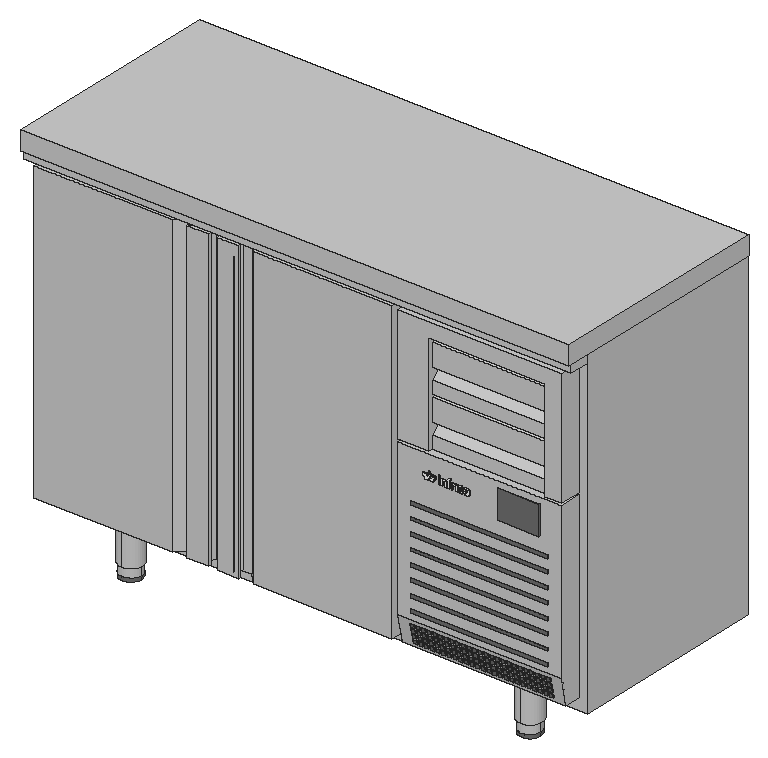
Revit family "QF_INFRICO_FMPP1500II_250812090517", category Specialty Equipment, Revit 2021
Family settings
  Round Connector Dimension = Use Diameter
  Part Type = Normal
  OmniClass Number = 23.40.40.14
  OmniClass Title = Food Service Equipment
  Work Plane-Based = No
  Always vertical = Yes
  Cut with Voids When Loaded = No
  Shared = No
  Room Calculation Point = No
Parameters (values of type "FMPP1500II-R290")
  Weight [instance] = 131.002 kg
  Waste Water Discharge Temperature [instance] = 0 °C
  Waste Remarks [instance] = ""
  Warranty Start Date [instance] = ""
  Warranty Duration [instance] = ""
  Volts [instance] = 230 V
  Volt Free Conn [instance] = no
  URL Recommended Spares List [instance] = ""
  URL Manufacturer [instance] = ""
  URL Cutsheet [instance] = ""
  URL Critical Spares List [instance] = ""
  URL = "www.infrico.com"
  Technical Documentation [instance] = ""
  Tag Number [instance] = ""
  Status [instance] = ""
  Start Up Current [instance] = 0 A
  Specification by User [instance] = ""
  Specification by Manufacturer [instance] = ""
  Sound Level [instance] = ""
  Show Logo [instance] = yes
  Show Clearances [instance] = yes
  Service Life Duration [instance] = ""
  Serial Number [instance] = ""
  Seismic Rating [instance] = ""
  SMACNA No [instance] = ""
  Revision Code [instance] = ""
  Revision [instance] = ""
  Production Year [instance] = ""
  Potential Equalisation [instance] = no
  Point Load [instance] = 0
  Plumbing Connection Type [instance] = ""
  Phase [instance] = 1
  Other Equipment Approvals [instance] = ""
  Operational Current [instance] = 0 A
  Number of Poles [instance] = 2
  No Load Power Draw [instance] = no
  NAFEM Spec ID Number [instance] = ""
  Model Warning [instance] = ""
  Model = "FMPP1500II"
  Min Ckt Ampacity [instance] = 0 A
  Max Overcurrent Protection [instance] = 0 A
  Masterspec [instance] = ""
  Manufacturer = "INFRICO"
  Main switch integrated [instance] = no
  Length Actual [instance] = 1468.12 mm
  Item Number [instance] = ""
  Installed By [instance] = ""
  Installation Date [instance] = ""
  Indirect Waste Size [instance] = 19.05 mm
  Indirect Waste Remarks [instance] = ""
  Indirect Waste Flow [instance] = 0.0 L/s
  Indirect Waste Connection Type [instance] = ""
  Indirect Waste Connection Height [instance] = 0 mm
  Identify Quantity as Lot [instance] = no
  ID [instance] = ""
  Hygiene Approval [instance] = ""
  Height Actual [instance] = 1050.036 mm
  HP power [instance] = ""
  Furnished By [instance] = ""
  Foodservice Equipment Identifier [instance] = no
  FL Amps [instance] = 0 A
  Electrical Remarks [instance] = ""
  Electric power [instance] = 190 W
  Electric Connection Type [instance] = ""
  Elec Conn RI Height [instance] = 0 mm
  Elec Conn Connection Height [instance] = 0 mm
  ETL Approved [instance] = no
  Direct Waste Water Discharge Temperature [instance] = -273.15 °C
  Direct Waste Size [instance] = 19.05 mm
  Direct Waste RI Height [instance] = 0 mm
  Direct Waste Flow [instance] = 0.0 L/s
  Direct Waste Connection Height [instance] = 0 mm
  Description = "BACK BAR COUNTER REFRIGERATOR - R290"
  Depth Actual [instance] = 599.948 mm
  Default Elevation = 0 mm
  Cycle [instance] = 50 Hz
  Cost = 0
  Connection to energy optimisation system [instance] = yes
  Conn Plug [instance] = ""
  Conn Conduit [instance] = no
  Centralized building control system with digital interface [instance] = ""
  CSI MasterFormat [instance] = ""
  CE Approved [instance] = no
  Barcode [instance] = 0
  Author [instance] = ""
  Asset Identifier [instance] = ""
  Apparent Power [instance] = 190 VA
  Accessory [instance] = no
Reference planes
  plane 1 "Center (Front/Back)": y = 0
  plane 2: z = 0
  plane 3 "Center (Left/Right)": x = 0
Forms (mm)
  Extrusion 1, solid, not visible
    sketch origin (541.026, -113.006, 142.007) x (1, 0, 0) y (0, 1, 0)
      loop
        line (-2, 2) -> (-2, -2) -> (2, -2) -> (2, 2) -> (-2, 2)
    from -2 to 2
  Extrusion 2, solid, not visible
    sketch origin (1407.069, -61.003, 142.007) x (1, 0, 0) y (0, 1, 0)
      loop
        line (-2, 2) -> (-2, -2) -> (2, -2) -> (2, 2) -> (-2, 2)
    from -2 to 2
Dimensions and locks
  locked: nested 2 to Extrusion 1 at 2  (x2)
  locked: nested 3 to Extrusion 2 at 2  (x2)
  aligned and locked: level to plane 2
Nested families
  nested 1: "QF_INFRICO_FMPP1500_2920" at (0, 0, 140), type "FMPP1500II-R290"
    with Weight 131.002 kg, Warranty Start Date "", Warranty Duration "", URL Cutsheet "", Technical Documentation "", Tag Number "", Status "", Specification by User "", Specification by Manufacturer "", Sound Level "", Solid Fuel Type "", Show Logo yes, Show Clearances yes, Show Clearance yes, Service Life Duration "", Serial Number "", Seismic Rating "", SMACNA No "", Revision Code "", Revision "", Production Year "", Point Load 0, Other Equipment Approvals "", NAFEM Spec ID Number "", Model Warning "", Masterspec "", Length Actual 1468.12 mm, Item Number "", Installed By "", Installation Date "", Identify Quantity as Lot yes, ID "", Hygiene Approval "", Height Actual 1050.036 mm, Furnished By "", Foodservice Equipment Identifier yes, ETL Approved yes, Depth Actual 599.948 mm, CSI MasterFormat "", CE Approved no, Barcode "", Author "", Asset Identifier "", Accessory no
  nested 2: "CONN_POINT_DRAIN_2D___Generic_Annotation" at (541.026, -113.006, 140.007), type "CONN_POINT_DRAIN_2D___Generic_Annotation"
    with Onboard connection annotation symbol visibility yes
  nested 3: "CONN_POINT_ELE_2D___Generic_Annotation" at (1407.069, -61.003, 140.007), type "CONN_POINT_ELE_2D___Generic_Annotation"
    with Onboard connection annotation symbol visibility yes
  nested 4: "QF_INFRICO_FMPP_DOOR_SX_4892" at (22, -538, 168), type "FMPP_DOOR_SX"
    with Weight 0.00 kg, Warranty Start Date "", Warranty Duration "", URL Cutsheet "", Technical Documentation "", Tag Number "", Status "", Specification by User "", Specification by Manufacturer "", Sound Level "", Solid Fuel Type "", Show Logo yes, Show Clearances yes, Show Clearance yes, Service Life Duration "", Serial Number "", Seismic Rating "", SMACNA No "", Revision Code "", Revision "", Production Year "", Point Load 0, Other Equipment Approvals "", NAFEM Spec ID Number "", Model Warning "", Masterspec "", Length Actual 467.106 mm, Item Number "", Installed By "", Installation Date "", Identify Quantity as Lot yes, ID "", Hygiene Approval "", Height Actual 797.052 mm, Furnished By "", Foodservice Equipment Identifier yes, ETL Approved yes, Depth Actual 54.102 mm, CSI MasterFormat "", CE Approved no, Barcode "", Author "", Asset Identifier "", Accessory yes
  nested 5: "QF_INFRICO_FMPP_DOOR_DX_5673" at (514, -538, 168), type "FMPP_DOOR_DX"
    with Weight 0.00 kg, Warranty Start Date "", Warranty Duration "", URL Cutsheet "", Technical Documentation "", Tag Number "", Status "", Specification by User "", Specification by Manufacturer "", Sound Level "", Solid Fuel Type "", Show Logo yes, Show Clearances yes, Show Clearance yes, Service Life Duration "", Serial Number "", Seismic Rating "", SMACNA No "", Revision Code "", Revision "", Production Year "", Point Load 0, Other Equipment Approvals "", NAFEM Spec ID Number "", Model Warning "", Masterspec "", Length Actual 467.106 mm, Item Number "", Installed By "", Installation Date "", Identify Quantity as Lot yes, ID "", Hygiene Approval "", Height Actual 797.052 mm, Furnished By "", Foodservice Equipment Identifier yes, ETL Approved yes, Depth Actual 54.102 mm, CSI MasterFormat "", CE Approved no, Barcode "", Author "", Asset Identifier "", Accessory yes
  nested 6: "QF_INFRICO_WORKTOP_6450" at (0, 0, 1000), type "ENC12SPBM15"
    with Weight 0.00 kg, Warranty Start Date "", Warranty Duration "", URL Cutsheet "", Technical Documentation "", Tag Number "", Status "", Specification by User "", Specification by Manufacturer "", Sound Level "", Solid Fuel Type "", Show Logo yes, Show Clearances yes, Show Clearance yes, Service Life Duration "", Serial Number "", Seismic Rating "", SMACNA No "", Revision Code "", Revision "", Production Year "", Point Load 0, Other Equipment Approvals "", NAFEM Spec ID Number "", Model Warning "", Masterspec "", Length Actual 1468.12 mm, Item Number "", Installed By "", Installation Date "", Identify Quantity as Lot yes, ID "", Hygiene Approval "", Height Actual 50.038 mm, Furnished By "", Foodservice Equipment Identifier yes, ETL Approved yes, Depth Actual 599.948 mm, CSI MasterFormat "", CE Approved no, Barcode "", Author "", Asset Identifier "", Accessory yes
  nested 7: "QF_INFRICO_LEGS_7294" at (0, 0, 0), type "LEGS_1470_600"
    with Weight 0.00 kg, Warranty Start Date "", Warranty Duration "", URL Cutsheet "", Technical Documentation "", Tag Number "", Status "", Specification by User "", Specification by Manufacturer "", Sound Level "", Solid Fuel Type "", Show Logo yes, Show Clearances yes, Show Clearance yes, Service Life Duration "", Serial Number "", Seismic Rating "", SMACNA No "", Revision Code "", Revision "", Production Year "", Point Load 0, Other Equipment Approvals "", NAFEM Spec ID Number "", Model Warning "", Masterspec "", Length Actual 1468.12 mm, Item Number "", Installed By "", Installation Date "", Identify Quantity as Lot yes, ID "", Hygiene Approval "", Height Actual 139.954 mm, Furnished By "", Foodservice Equipment Identifier yes, ETL Approved yes, Depth Actual 599.948 mm, CSI MasterFormat "", CE Approved no, Barcode "", Author "", Asset Identifier "", Accessory yes
Connectors
  piping at (541.026, -113.006, 140.007), diameter 19.05, driven by "Indirect Waste Size", driven by "Direct Waste Flow"
    settings: on Extrusion 1, index 1, connector inside diameter 609.6 mm, connector length 0 mm, flow factor 0, pipe flow 0.0 L/s, pressure drop 0.0 Pa, fitting loss kfactor 0, connector angle 0.00°, fixture units 0, engagement length 0 mm, angle of deflection 0.00°, flow configuration 1, flow direction 2, fitting loss method 0, system type 16, joint type 0, gender type 0, connector reference index -1, connector utility 0, adjustable connector no, is connector primary yes, connector description "Waste connection for FMPP1500II"
  electrical at (1407.069, -61.003, 140.007), driven by "Apparent Power", driven by "Number of Poles", driven by "Volts"
    settings: on Extrusion 2, index 2, voltage 230 V, apparent load 0 VA, apparent load phase1 190 VA, apparent load phase2 0 VA, apparent load phase3 0 VA, power factor 1, load classification "Other", number of poles 2, system type 31, power factor state 1, is connector primary yes, connector utility no, sub classification motor no, connector description "Electrical connection for FMPP1500II"
Definition of nested family "QF_INFRICO_FMPP1500_2920"
  Parameters (values of type "FMPP1500II")
    Weight [instance] = 0.00 kg
    Warranty Start Date [instance] = ""
    Warranty Duration [instance] = ""
    URL Cutsheet [instance] = ""
    URL = "www.infrico.com"
    Technical Documentation [instance] = ""
    Tag Number [instance] = ""
    Status [instance] = ""
    Specification by User [instance] = ""
    Specification by Manufacturer [instance] = ""
    Sound Level [instance] = ""
    Solid Fuel Type [instance] = ""
    Show Logo [instance] = yes
    Show Clearances [instance] = yes
    Show Clearance [instance] = yes
    Service Life Duration [instance] = ""
    Serial Number [instance] = ""
    Seismic Rating [instance] = ""
    SMACNA No [instance] = ""
    Revision Code [instance] = ""
    Revision [instance] = ""
    Production Year [instance] = ""
    Point Load [instance] = 0
    Other Equipment Approvals [instance] = ""
    NAFEM Spec ID Number [instance] = ""
    Model Warning [instance] = ""
    Model = "FMPP1500II"
    Masterspec [instance] = ""
    Manufacturer = "INFRICO"
    Length Actual [instance] = 0 mm
    Item Number [instance] = ""
    Installed By [instance] = ""
    Installation Date [instance] = ""
    Identify Quantity as Lot [instance] = yes
    ID [instance] = ""
    Hygiene Approval [instance] = ""
    Height Actual [instance] = 0 mm
    Furnished By [instance] = ""
    Foodservice Equipment Identifier [instance] = yes
    ETL Approved [instance] = yes
    Description = "BACK BAR COUNTER REFRIGERATOR - R134A"
    Depth Actual [instance] = 0 mm
    Default Elevation = 0 mm
    CSI MasterFormat [instance] = ""
    CE Approved [instance] = yes
    Barcode [instance] = ""
    Author [instance] = ""
    Asset Identifier [instance] = ""
    Assembly Code = "E1090320"
    Accessory [instance] = yes
  Types (2, lengths in mm): name | Description
    FMPP1500II | "BACK BAR COUNTER REFRIGERATOR - R134A"
    FMPP1500II-R290 | "BACK BAR COUNTER REFRIGERATOR - R290"
  Reference planes
    plane 1 "Back": y = 0
    plane 2: z = 0
    plane 3 "Left": x = 0
    plane 4 "Right": x = 1468
    plane 5 "Front": y = -600
    plane 6 "Top": z = 860
  Forms (mm)
    Extrusion 1, solid
      sketch origin (0, 100, -140) x (0, 1, 0) y (0, 0, 1)
        loop
          line (-638.02, 654.885) -> (-695.03, 654.885) -> (-695.03, 238.436) -> (-678.769, 168) -> (-638.02, 168) -> (-638.02, 654.885)
      from 1005.93 to 1443.93
    Extrusion 2, solid
      sketch origin (-2000, -593.13, -140) x (1, 0, 0) y (0, 0, 1)
        loop
          line (3408.016, 523.949) -> (3040.73, 523.949) -> (3040.73, 514.949) -> (3408.016, 514.949) -> (3408.016, 523.949)
        loop
          line (3408.016, 486.949) -> (3040.73, 486.949) -> (3040.73, 477.949) -> (3408.016, 477.949) -> (3408.016, 486.949)
        loop
          line (3408.016, 449.949) -> (3040.73, 449.949) -> (3040.73, 440.949) -> (3408.016, 440.949) -> (3408.016, 449.949)
        loop
          line (3408.016, 412.949) -> (3040.73, 412.949) -> (3040.73, 403.949) -> (3408.016, 403.949) -> (3408.016, 412.949)
        loop
          line (3408.016, 375.949) -> (3040.73, 375.949) -> (3040.73, 366.949) -> (3408.016, 366.949) -> (3408.016, 375.949)
        loop
          line (3408.016, 338.949) -> (3040.73, 338.949) -> (3040.73, 329.949) -> (3408.016, 329.949) -> (3408.016, 338.949)
        loop
          line (3408.016, 301.949) -> (3040.73, 301.949) -> (3040.73, 292.949) -> (3408.016, 292.949) -> (3408.016, 301.949)
        loop
          line (3408.016, 264.949) -> (3040.73, 264.949) -> (3040.73, 255.949) -> (3408.016, 255.949) -> (3408.016, 264.949)
      from 0 to 2
    Extrusion 3, solid
      sketch origin (-1999.3, -539.263, -135.602) x (1, 0, 0) y (0, -0.224951, 0.97437)
        loop
          line (3036.73, 215.974) -> (3036.73, 205.974) -> (3046.73, 205.974) -> (3046.73, 215.974) -> (3036.73, 215.974)
        loop
          line (3036.73, 230.769) -> (3036.73, 220.769) -> (3046.73, 220.769) -> (3046.73, 230.769) -> (3036.73, 230.769)
        loop
          line (3036.73, 186.385) -> (3036.73, 176.385) -> (3046.73, 176.385) -> (3046.73, 186.385) -> (3036.73, 186.385)
        loop
          line (3036.73, 201.179) -> (3036.73, 191.179) -> (3046.73, 191.179) -> (3046.73, 201.179) -> (3036.73, 201.179)
        loop
          line (3051.938, 215.974) -> (3051.938, 205.974) -> (3061.938, 205.974) -> (3061.938, 215.974) -> (3051.938, 215.974)
        loop
          line (3051.938, 230.769) -> (3051.938, 220.769) -> (3061.938, 220.769) -> (3061.938, 230.769) -> (3051.938, 230.769)
        loop
          line (3051.938, 186.385) -> (3051.938, 176.385) -> (3061.938, 176.385) -> (3061.938, 186.385) -> (3051.938, 186.385)
        loop
          line (3051.938, 201.179) -> (3051.938, 191.179) -> (3061.938, 191.179) -> (3061.938, 201.179) -> (3051.938, 201.179)
        loop
          line (3067.147, 215.974) -> (3067.147, 205.974) -> (3077.147, 205.974) -> (3077.147, 215.974) -> (3067.147, 215.974)
        loop
          line (3067.147, 230.769) -> (3067.147, 220.769) -> (3077.147, 220.769) -> (3077.147, 230.769) -> (3067.147, 230.769)
        loop
          line (3067.147, 186.385) -> (3067.147, 176.385) -> (3077.147, 176.385) -> (3077.147, 186.385) -> (3067.147, 186.385)
        loop
          line (3067.147, 201.179) -> (3067.147, 191.179) -> (3077.147, 191.179) -> (3077.147, 201.179) -> (3067.147, 201.179)
        loop
          line (3082.355, 215.974) -> (3082.355, 205.974) -> (3092.355, 205.974) -> (3092.355, 215.974) -> (3082.355, 215.974)
        loop
          line (3082.355, 230.769) -> (3082.355, 220.769) -> (3092.355, 220.769) -> (3092.355, 230.769) -> (3082.355, 230.769)
        loop
          line (3082.355, 186.385) -> (3082.355, 176.385) -> (3092.355, 176.385) -> (3092.355, 186.385) -> (3082.355, 186.385)
        loop
          line (3082.355, 201.179) -> (3082.355, 191.179) -> (3092.355, 191.179) -> (3092.355, 201.179) -> (3082.355, 201.179)
        loop
          line (3097.563, 215.974) -> (3097.563, 205.974) -> (3107.563, 205.974) -> (3107.563, 215.974) -> (3097.563, 215.974)
        loop
          line (3097.563, 230.769) -> (3097.563, 220.769) -> (3107.563, 220.769) -> (3107.563, 230.769) -> (3097.563, 230.769)
        loop
          line (3097.563, 186.385) -> (3097.563, 176.385) -> (3107.563, 176.385) -> (3107.563, 186.385) -> (3097.563, 186.385)
        loop
          line (3097.563, 201.179) -> (3097.563, 191.179) -> (3107.563, 191.179) -> (3107.563, 201.179) -> (3097.563, 201.179)
        loop
          line (3112.772, 215.974) -> (3112.772, 205.974) -> (3122.772, 205.974) -> (3122.772, 215.974) -> (3112.772, 215.974)
        loop
          line (3112.772, 230.769) -> (3112.772, 220.769) -> (3122.772, 220.769) -> (3122.772, 230.769) -> (3112.772, 230.769)
        loop
          line (3112.772, 186.385) -> (3112.772, 176.385) -> (3122.772, 176.385) -> (3122.772, 186.385) -> (3112.772, 186.385)
        loop
          line (3112.772, 201.179) -> (3112.772, 191.179) -> (3122.772, 191.179) -> (3122.772, 201.179) -> (3112.772, 201.179)
        loop
          line (3127.98, 215.974) -> (3127.98, 205.974) -> (3137.98, 205.974) -> (3137.98, 215.974) -> (3127.98, 215.974)
        loop
          line (3127.98, 230.769) -> (3127.98, 220.769) -> (3137.98, 220.769) -> (3137.98, 230.769) -> (3127.98, 230.769)
        loop
          line (3127.98, 186.385) -> (3127.98, 176.385) -> (3137.98, 176.385) -> (3137.98, 186.385) -> (3127.98, 186.385)
        loop
          line (3127.98, 201.179) -> (3127.98, 191.179) -> (3137.98, 191.179) -> (3137.98, 201.179) -> (3127.98, 201.179)
        loop
          line (3143.188, 215.974) -> (3143.188, 205.974) -> (3153.188, 205.974) -> (3153.188, 215.974) -> (3143.188, 215.974)
        loop
          line (3143.188, 230.769) -> (3143.188, 220.769) -> (3153.188, 220.769) -> (3153.188, 230.769) -> (3143.188, 230.769)
        loop
          line (3143.188, 186.385) -> (3143.188, 176.385) -> (3153.188, 176.385) -> (3153.188, 186.385) -> (3143.188, 186.385)
        loop
          line (3143.188, 201.179) -> (3143.188, 191.179) -> (3153.188, 191.179) -> (3153.188, 201.179) -> (3143.188, 201.179)
        loop
          line (3158.397, 215.974) -> (3158.397, 205.974) -> (3168.397, 205.974) -> (3168.397, 215.974) -> (3158.397, 215.974)
        loop
          line (3158.397, 230.769) -> (3158.397, 220.769) -> (3168.397, 220.769) -> (3168.397, 230.769) -> (3158.397, 230.769)
        loop
          line (3158.397, 186.385) -> (3158.397, 176.385) -> (3168.397, 176.385) -> (3168.397, 186.385) -> (3158.397, 186.385)
        loop
          line (3158.397, 201.179) -> (3158.397, 191.179) -> (3168.397, 191.179) -> (3168.397, 201.179) -> (3158.397, 201.179)
        loop
          line (3173.605, 215.974) -> (3173.605, 205.974) -> (3183.605, 205.974) -> (3183.605, 215.974) -> (3173.605, 215.974)
        loop
          line (3173.605, 230.769) -> (3173.605, 220.769) -> (3183.605, 220.769) -> (3183.605, 230.769) -> (3173.605, 230.769)
        loop
          line (3173.605, 186.385) -> (3173.605, 176.385) -> (3183.605, 176.385) -> (3183.605, 186.385) -> (3173.605, 186.385)
        loop
          line (3173.605, 201.179) -> (3173.605, 191.179) -> (3183.605, 191.179) -> (3183.605, 201.179) -> (3173.605, 201.179)
        loop
          line (3188.813, 215.974) -> (3188.813, 205.974) -> (3198.813, 205.974) -> (3198.813, 215.974) -> (3188.813, 215.974)
        loop
          line (3188.813, 230.769) -> (3188.813, 220.769) -> (3198.813, 220.769) -> (3198.813, 230.769) -> (3188.813, 230.769)
        loop
          line (3188.813, 186.385) -> (3188.813, 176.385) -> (3198.813, 176.385) -> (3198.813, 186.385) -> (3188.813, 186.385)
        loop
          line (3188.813, 201.179) -> (3188.813, 191.179) -> (3198.813, 191.179) -> (3198.813, 201.179) -> (3188.813, 201.179)
        loop
          line (3204.022, 215.974) -> (3204.022, 205.974) -> (3214.022, 205.974) -> (3214.022, 215.974) -> (3204.022, 215.974)
        loop
          line (3204.022, 230.769) -> (3204.022, 220.769) -> (3214.022, 220.769) -> (3214.022, 230.769) -> (3204.022, 230.769)
        loop
          line (3204.022, 186.385) -> (3204.022, 176.385) -> (3214.022, 176.385) -> (3214.022, 186.385) -> (3204.022, 186.385)
        loop
          line (3204.022, 201.179) -> (3204.022, 191.179) -> (3214.022, 191.179) -> (3214.022, 201.179) -> (3204.022, 201.179)
        loop
          line (3219.23, 215.974) -> (3219.23, 205.974) -> (3229.23, 205.974) -> (3229.23, 215.974) -> (3219.23, 215.974)
        loop
          line (3219.23, 230.769) -> (3219.23, 220.769) -> (3229.23, 220.769) -> (3229.23, 230.769) -> (3219.23, 230.769)
        loop
          line (3219.23, 186.385) -> (3219.23, 176.385) -> (3229.23, 176.385) -> (3229.23, 186.385) -> (3219.23, 186.385)
        loop
          line (3219.23, 201.179) -> (3219.23, 191.179) -> (3229.23, 191.179) -> (3229.23, 201.179) -> (3219.23, 201.179)
        loop
          line (3234.438, 215.974) -> (3234.438, 205.974) -> (3244.438, 205.974) -> (3244.438, 215.974) -> (3234.438, 215.974)
        loop
          line (3234.438, 230.769) -> (3234.438, 220.769) -> (3244.438, 220.769) -> (3244.438, 230.769) -> (3234.438, 230.769)
        loop
          line (3234.438, 186.385) -> (3234.438, 176.385) -> (3244.438, 176.385) -> (3244.438, 186.385) -> (3234.438, 186.385)
        loop
          line (3234.438, 201.179) -> (3234.438, 191.179) -> (3244.438, 191.179) -> (3244.438, 201.179) -> (3234.438, 201.179)
        loop
          line (3249.647, 215.974) -> (3249.647, 205.974) -> (3259.647, 205.974) -> (3259.647, 215.974) -> (3249.647, 215.974)
        loop
          line (3249.647, 230.769) -> (3249.647, 220.769) -> (3259.647, 220.769) -> (3259.647, 230.769) -> (3249.647, 230.769)
        loop
          line (3249.647, 186.385) -> (3249.647, 176.385) -> (3259.647, 176.385) -> (3259.647, 186.385) -> (3249.647, 186.385)
        loop
          line (3249.647, 201.179) -> (3249.647, 191.179) -> (3259.647, 191.179) -> (3259.647, 201.179) -> (3249.647, 201.179)
        loop
          line (3264.855, 215.974) -> (3264.855, 205.974) -> (3274.855, 205.974) -> (3274.855, 215.974) -> (3264.855, 215.974)
        loop
          line (3264.855, 230.769) -> (3264.855, 220.769) -> (3274.855, 220.769) -> (3274.855, 230.769) -> (3264.855, 230.769)
        loop
          line (3264.855, 186.385) -> (3264.855, 176.385) -> (3274.855, 176.385) -> (3274.855, 186.385) -> (3264.855, 186.385)
        loop
          line (3264.855, 201.179) -> (3264.855, 191.179) -> (3274.855, 191.179) -> (3274.855, 201.179) -> (3264.855, 201.179)
        loop
          line (3280.063, 215.974) -> (3280.063, 205.974) -> (3290.063, 205.974) -> (3290.063, 215.974) -> (3280.063, 215.974)
        loop
          line (3280.063, 230.769) -> (3280.063, 220.769) -> (3290.063, 220.769) -> (3290.063, 230.769) -> (3280.063, 230.769)
        loop
          line (3280.063, 186.385) -> (3280.063, 176.385) -> (3290.063, 176.385) -> (3290.063, 186.385) -> (3280.063, 186.385)
        loop
          line (3280.063, 201.179) -> (3280.063, 191.179) -> (3290.063, 191.179) -> (3290.063, 201.179) -> (3280.063, 201.179)
        loop
          line (3295.272, 215.974) -> (3295.272, 205.974) -> (3305.272, 205.974) -> (3305.272, 215.974) -> (3295.272, 215.974)
        loop
          line (3295.272, 230.769) -> (3295.272, 220.769) -> (3305.272, 220.769) -> (3305.272, 230.769) -> (3295.272, 230.769)
        loop
          line (3295.272, 186.385) -> (3295.272, 176.385) -> (3305.272, 176.385) -> (3305.272, 186.385) -> (3295.272, 186.385)
        loop
          line (3295.272, 201.179) -> (3295.272, 191.179) -> (3305.272, 191.179) -> (3305.272, 201.179) -> (3295.272, 201.179)
        loop
          line (3310.48, 215.974) -> (3310.48, 205.974) -> (3320.48, 205.974) -> (3320.48, 215.974) -> (3310.48, 215.974)
        loop
          line (3310.48, 230.769) -> (3310.48, 220.769) -> (3320.48, 220.769) -> (3320.48, 230.769) -> (3310.48, 230.769)
        loop
          line (3310.48, 186.385) -> (3310.48, 176.385) -> (3320.48, 176.385) -> (3320.48, 186.385) -> (3310.48, 186.385)
        loop
          line (3310.48, 201.179) -> (3310.48, 191.179) -> (3320.48, 191.179) -> (3320.48, 201.179) -> (3310.48, 201.179)
        loop
          line (3325.688, 215.974) -> (3325.688, 205.974) -> (3335.688, 205.974) -> (3335.688, 215.974) -> (3325.688, 215.974)
        loop
          line (3325.688, 230.769) -> (3325.688, 220.769) -> (3335.688, 220.769) -> (3335.688, 230.769) -> (3325.688, 230.769)
        loop
          line (3325.688, 186.385) -> (3325.688, 176.385) -> (3335.688, 176.385) -> (3335.688, 186.385) -> (3325.688, 186.385)
        loop
          line (3325.688, 201.179) -> (3325.688, 191.179) -> (3335.688, 191.179) -> (3335.688, 201.179) -> (3325.688, 201.179)
        loop
          line (3340.897, 215.974) -> (3340.897, 205.974) -> (3350.897, 205.974) -> (3350.897, 215.974) -> (3340.897, 215.974)
        loop
          line (3340.897, 230.769) -> (3340.897, 220.769) -> (3350.897, 220.769) -> (3350.897, 230.769) -> (3340.897, 230.769)
        loop
          line (3340.897, 186.385) -> (3340.897, 176.385) -> (3350.897, 176.385) -> (3350.897, 186.385) -> (3340.897, 186.385)
        loop
          line (3340.897, 201.179) -> (3340.897, 191.179) -> (3350.897, 191.179) -> (3350.897, 201.179) -> (3340.897, 201.179)
        loop
          line (3356.105, 215.974) -> (3356.105, 205.974) -> (3366.105, 205.974) -> (3366.105, 215.974) -> (3356.105, 215.974)
        loop
          line (3356.105, 230.769) -> (3356.105, 220.769) -> (3366.105, 220.769) -> (3366.105, 230.769) -> (3356.105, 230.769)
        loop
          line (3356.105, 186.385) -> (3356.105, 176.385) -> (3366.105, 176.385) -> (3366.105, 186.385) -> (3356.105, 186.385)
        loop
          line (3356.105, 201.179) -> (3356.105, 191.179) -> (3366.105, 191.179) -> (3366.105, 201.179) -> (3356.105, 201.179)
        loop
          line (3371.313, 215.974) -> (3371.313, 205.974) -> (3381.313, 205.974) -> (3381.313, 215.974) -> (3371.313, 215.974)
        loop
          line (3371.313, 230.769) -> (3371.313, 220.769) -> (3381.313, 220.769) -> (3381.313, 230.769) -> (3371.313, 230.769)
        loop
          line (3371.313, 186.385) -> (3371.313, 176.385) -> (3381.313, 176.385) -> (3381.313, 186.385) -> (3371.313, 186.385)
        loop
          line (3371.313, 201.179) -> (3371.313, 191.179) -> (3381.313, 191.179) -> (3381.313, 201.179) -> (3371.313, 201.179)
        loop
          line (3386.522, 215.974) -> (3386.522, 205.974) -> (3396.522, 205.974) -> (3396.522, 215.974) -> (3386.522, 215.974)
        loop
          line (3386.522, 230.769) -> (3386.522, 220.769) -> (3396.522, 220.769) -> (3396.522, 230.769) -> (3386.522, 230.769)
        loop
          line (3386.522, 186.385) -> (3386.522, 176.385) -> (3396.522, 176.385) -> (3396.522, 186.385) -> (3386.522, 186.385)
        loop
          line (3386.522, 201.179) -> (3386.522, 191.179) -> (3396.522, 191.179) -> (3396.522, 201.179) -> (3386.522, 201.179)
        loop
          line (3401.73, 215.974) -> (3401.73, 205.974) -> (3411.73, 205.974) -> (3411.73, 215.974) -> (3401.73, 215.974)
        loop
          line (3401.73, 230.769) -> (3401.73, 220.769) -> (3411.73, 220.769) -> (3411.73, 230.769) -> (3401.73, 230.769)
        loop
          line (3401.73, 186.385) -> (3401.73, 176.385) -> (3411.73, 176.385) -> (3411.73, 186.385) -> (3401.73, 186.385)
        loop
          line (3401.73, 201.179) -> (3401.73, 191.179) -> (3411.73, 191.179) -> (3411.73, 201.179) -> (3401.73, 201.179)
      from 0 to 2
    Extrusion 4, solid, visible <- "Show Logo"
      sketch origin (-89.335, -593.13, -246.187) x (1, 0, 0) y (0, 0, 1)
        loop
          line (1208.799, 696.53) -> (1208.799, 719.204) -> (1204.173, 719.204) -> (1204.173, 696.53) -> (1208.799, 696.53)
        loop
          line (1214.779, 713.006) -> (1211.283, 713.006) -> (1211.283, 696.53) -> (1215.772, 696.53) -> (1215.772, 707.832)
          arc (1215.772, 707.832) -> (1217.528, 708.741) -> (1219.417, 709.324) r 11.052
          arc (1219.417, 709.324) -> (1220.929, 708.961) -> (1221.598, 707.557) r 1.806
          line (1221.598, 707.557) -> (1221.598, 696.53) -> (1226.121, 696.53) -> (1226.121, 708.689)
          arc (1226.121, 708.689) -> (1224.637, 712.075) -> (1221.141, 713.281) r 4.607
          arc (1221.141, 713.281) -> (1218.282, 712.674) -> (1215.669, 711.361) r 11.435
          line (1215.669, 711.361) -> (1215.601, 712.184)
          arc (1215.601, 712.184) -> (1215.36, 712.765) -> (1214.779, 713.006) r 0.822
        loop
          line (1238.557, 720.102) -> (1237.306, 720.102)
          arc (1237.306, 720.102) -> (1235.052, 719.926) -> (1232.881, 719.297) r 11.103
          arc (1232.881, 719.297) -> (1230.805, 717.616) -> (1230.024, 715.062) r 4.567
          line (1230.024, 715.062) -> (1230.024, 712.909) -> (1227.351, 712.703) -> (1227.351, 709.374) -> (1230.024, 709.374) -> (1230.024, 696.53) -> (1234.547, 696.53) -> (1234.547, 709.374) -> (1238.249, 709.374) -> (1238.249, 712.938) -> (1234.547, 712.938) -> (1234.547, 714.548)
          arc (1234.547, 714.548) -> (1234.956, 715.705) -> (1236.045, 716.271) r 1.67
          line (1236.045, 716.271) -> (1237.7, 716.399)
          arc (1237.7, 716.399) -> (1238.306, 716.65) -> (1238.557, 717.255) r 0.857
          line (1238.557, 717.255) -> (1238.557, 720.102)
        loop
          line (1239.479, 713.006) -> (1239.479, 696.53) -> (1243.968, 696.53) -> (1243.968, 707.352)
          arc (1243.968, 707.352) -> (1245.873, 708.631) -> (1248.077, 709.268) r 7.435
          line (1248.077, 709.268) -> (1249.241, 709.416)
          arc (1249.241, 709.416) -> (1249.643, 709.758) -> (1249.793, 710.265) r 0.928
          line (1249.793, 710.265) -> (1249.793, 712.458)
          arc (1249.793, 712.458) -> (1249.531, 713.061) -> (1248.912, 713.28) r 0.824
          arc (1248.912, 713.28) -> (1246.197, 712.588) -> (1243.899, 710.984) r 7.833
          line (1243.899, 710.984) -> (1243.726, 713.006) -> (1239.479, 713.006)
        loop
          line (1255.495, 696.53) -> (1255.495, 713.006) -> (1251.006, 713.006) -> (1251.006, 696.53) -> (1255.495, 696.53)
        loop
          arc (1257.421, 701.327) -> (1258.567, 698.188) -> (1261.466, 696.525) r 4.873
          arc (1261.466, 696.525) -> (1264.493, 696.266) -> (1267.521, 696.525) r 17.816
          arc (1267.521, 696.525) -> (1270.575, 699.134) -> (1271.505, 703.041) r 6.481
          line (1271.505, 703.041) -> (1267.187, 703.041) -> (1267.187, 701.67)
          arc (1267.187, 701.67) -> (1266.64, 700.452) -> (1265.442, 699.865) r 1.965
          arc (1265.442, 699.865) -> (1264.547, 699.816) -> (1263.653, 699.865) r 8.196
          arc (1263.653, 699.865) -> (1262.417, 700.415) -> (1261.91, 701.67) r 1.806
          line (1261.91, 701.67) -> (1261.91, 707.9)
          arc (1261.91, 707.9) -> (1262.417, 709.155) -> (1263.653, 709.705) r 1.806
          arc (1263.653, 709.705) -> (1264.547, 709.754) -> (1265.442, 709.705) r 8.196
          arc (1265.442, 709.705) -> (1266.64, 709.118) -> (1267.187, 707.9) r 1.965
          line (1267.187, 707.9) -> (1267.187, 706.838) -> (1271.505, 706.838)
          arc (1271.505, 706.838) -> (1270.524, 710.556) -> (1267.521, 712.959) r 6.132
          arc (1267.521, 712.959) -> (1264.493, 713.294) -> (1261.466, 712.959) r 13.851
          arc (1261.466, 712.959) -> (1258.571, 711.349) -> (1257.421, 708.243) r 4.772
          line (1257.421, 708.243) -> (1257.421, 701.327)
        loop
          arc (1272.916, 701.329) -> (1273.993, 698.345) -> (1276.726, 696.734) r 4.676
          arc (1276.726, 696.734) -> (1278.515, 696.455) -> (1280.318, 696.291) r 28.371
          arc (1280.318, 696.291) -> (1282.122, 696.455) -> (1283.911, 696.734) r 28.371
          arc (1283.911, 696.734) -> (1286.644, 698.345) -> (1287.72, 701.329) r 4.676
          line (1287.72, 701.329) -> (1287.72, 708.242)
          arc (1287.72, 708.242) -> (1286.644, 711.226) -> (1283.911, 712.837) r 4.676
          arc (1283.911, 712.837) -> (1282.122, 713.116) -> (1280.318, 713.28) r 28.371
          arc (1280.318, 713.28) -> (1278.515, 713.116) -> (1276.726, 712.837) r 28.371
          arc (1276.726, 712.837) -> (1273.993, 711.226) -> (1272.916, 708.242) r 4.676
          line (1272.916, 708.242) -> (1272.916, 701.329)
        loop
          line (1277.405, 707.866) -> (1277.405, 701.705)
          arc (1277.405, 701.705) -> (1277.844, 700.556) -> (1278.936, 699.991) r 1.725
          arc (1278.936, 699.991) -> (1279.627, 699.918) -> (1280.318, 699.856) r 46.133
          arc (1280.318, 699.856) -> (1281.01, 699.918) -> (1281.701, 699.991) r 46.133
          arc (1281.701, 699.991) -> (1282.793, 700.556) -> (1283.231, 701.705) r 1.725
          line (1283.231, 701.705) -> (1283.231, 707.866)
          arc (1283.231, 707.866) -> (1282.793, 709.015) -> (1281.701, 709.58) r 1.725
          arc (1281.701, 709.58) -> (1281.01, 709.653) -> (1280.318, 709.716) r 46.133
          arc (1280.318, 709.716) -> (1279.627, 709.653) -> (1278.936, 709.58) r 46.133
          arc (1278.936, 709.58) -> (1277.844, 709.015) -> (1277.405, 707.866) r 1.725
        loop
          arc (1190.339, 696.543) -> (1191.411, 696.987) -> (1191.856, 698.059) r 1.516
          line (1191.856, 698.059) -> (1191.856, 703.891) -> (1196.035, 703.891)
          arc (1196.035, 703.891) -> (1196.79, 704.121) -> (1197.218, 704.782) r 1.147
          line (1197.218, 704.782) -> (1197.218, 706.211)
          arc (1197.218, 706.211) -> (1196.787, 707.258) -> (1195.719, 707.634) r 1.385
          line (1195.719, 707.634) -> (1194.52, 707.634) -> (1197.218, 710.332)
          arc (1197.218, 710.332) -> (1197.605, 711.266) -> (1197.218, 712.2) r 1.321
          line (1197.218, 712.2) -> (1196.495, 712.923)
          arc (1196.495, 712.923) -> (1195.54, 713.338) -> (1194.558, 712.991) r 1.422
          line (1194.558, 712.991) -> (1191.853, 710.286) -> (1191.853, 711.479)
          arc (1191.853, 711.479) -> (1191.443, 712.516) -> (1190.435, 712.992) r 1.516
          line (1190.435, 712.992) -> (1189.514, 712.992)
          arc (1189.514, 712.992) -> (1188.511, 712.514) -> (1188.103, 711.479) r 1.516
          line (1188.103, 711.479) -> (1188.103, 706.83) -> (1182.073, 701.336) -> (1182.073, 707.509) -> (1185.639, 711.075)
          arc (1185.639, 711.075) -> (1186.053, 712.073) -> (1185.639, 713.071) r 1.412
          line (1185.639, 713.071) -> (1184.987, 713.723)
          arc (1184.987, 713.723) -> (1183.939, 714.141) -> (1182.915, 713.667) r 1.428
          line (1182.915, 713.667) -> (1182.073, 712.825) -> (1182.073, 717.784)
          arc (1182.073, 717.784) -> (1181.658, 718.787) -> (1180.655, 719.203) r 1.418
          line (1180.655, 719.203) -> (1179.726, 719.203)
          arc (1179.726, 719.203) -> (1178.723, 718.787) -> (1178.308, 717.784) r 1.418
          line (1178.308, 717.784) -> (1178.308, 712.825) -> (1177.466, 713.667)
          arc (1177.466, 713.667) -> (1176.442, 714.141) -> (1175.394, 713.723) r 1.428
          line (1175.394, 713.723) -> (1174.742, 713.071)
          arc (1174.742, 713.071) -> (1174.328, 712.073) -> (1174.742, 711.075) r 1.412
          line (1174.742, 711.075) -> (1178.308, 707.509) -> (1178.308, 701.336) -> (1172.278, 706.83) -> (1172.278, 711.479)
          arc (1172.278, 711.479) -> (1171.87, 712.514) -> (1170.867, 712.992) r 1.516
          line (1170.867, 712.992) -> (1169.946, 712.992)
          arc (1169.946, 712.992) -> (1168.938, 712.516) -> (1168.528, 711.479) r 1.516
          line (1168.528, 711.479) -> (1168.528, 710.286) -> (1165.823, 712.991)
          arc (1165.823, 712.991) -> (1164.841, 713.338) -> (1163.886, 712.923) r 1.422
          line (1163.886, 712.923) -> (1163.163, 712.2)
          arc (1163.163, 712.2) -> (1162.776, 711.266) -> (1163.163, 710.332) r 1.321
          line (1163.163, 710.332) -> (1165.861, 707.634) -> (1164.662, 707.634)
          arc (1164.662, 707.634) -> (1163.594, 707.258) -> (1163.163, 706.211) r 1.385
          line (1163.163, 706.211) -> (1163.163, 704.782)
          arc (1163.163, 704.782) -> (1163.591, 704.121) -> (1164.346, 703.891) r 1.147
          line (1164.346, 703.891) -> (1168.525, 703.891) -> (1168.525, 698.059)
          arc (1168.525, 698.059) -> (1168.969, 696.987) -> (1170.042, 696.543) r 1.516
          line (1170.042, 696.543) -> (1190.339, 696.543)
      from 0 to 2
    Extrusion 5, solid
      sketch origin (105.578, 100, -156.025) x (1, 0, 0) y (0, 0, 1)
        loop
          line (1169.616, 654.3) -> (1169.616, 577.9) -> (1281.216, 577.9) -> (1281.216, 654.3) -> (1169.616, 654.3)
      from 695.03 to 698.23
    Extrusion 6, solid
      sketch origin (866.5, 58.5, 0) x (1, 0, 0) y (0, 1, 0)
        loop
          circle (540.5, -119.5) r 12.7
      from -5 to 0
    Extrusion 7, solid
      sketch origin (0, 0, 0) x (1, 0, 0) y (0, 1, 0)
        loop
          circle (541, -113) r 9.525
      from -5 to 0
    Extrusion 8, solid
      sketch origin (0, 0, 0) x (1, 0, 0) y (0, 1, 0)
        loop
          line (0, -538.02) -> (1468, -538.02) -> (1468, 0) -> (0, 0) -> (0, -538.02)
        loop
          line (60, -60) -> (60, -478.02) -> (1408, -478.02) -> (1408, -60) -> (60, -60)
      from 0 to 860
    Extrusion 9, solid
      sketch origin (0, 0, 0) x (1, 0, 0) y (0, 0, 1)
        loop
          line (60, 0) -> (1408, 0) -> (1408, 60) -> (60, 60) -> (60, 0)
      from 60 to 478.02
    Extrusion 10, void
      sketch origin (0, 0, 0) x (1, 0, 0) y (0, 0, 1)
        loop
          line (60, 800) -> (60, 60) -> (920, 60) -> (920, 800) -> (60, 800)
      from 60 to 538.02
    Extrusion 11, solid
      sketch origin (0, 100, 200) x (1, 0, 0) y (0, 1, 0)
        loop
          line (454, -638.02) -> (549, -638.02) -> (549, -628.02) -> (454, -628.02) -> (454, -638.02)
      from -140 to 600
    Extrusion 12, solid
      sketch origin (-355.84, 0, 0) x (1, 0, 0) y (0, 0, 1)
        loop
          line (1361.77, 830.367) -> (1361.77, 520.347) -> (1443.93, 520.347) -> (1443.93, 790.767) -> (1756.37, 790.767) -> (1756.37, 520.347) -> (1799.77, 520.347) -> (1799.77, 830.367) -> (1361.77, 830.367)
      from 538.02 to 595.03
    Extrusion 13, solid
      sketch origin (0, -1000, 0) x (1, 0, 0) y (0, 0, 1)
        loop
          line (1464.98, 837.357) -> (1464.98, 860) -> (2.96, 860) -> (2.96, 837.357) -> (1464.98, 837.357)
      from -461.98 to -409.56
    Extrusion 14, solid
      sketch origin (934.53, -528.23, 520.347) x (0, 1, 0) y (0, 0, 1)
        loop
          line (-9.79, 0) -> (-9.79, 128.747) -> (-20.79, 128.747) -> (-20.79, 121.434) -> (-39.216, 116.496) -> (-46.258, 128.693) -> (-54.021, 124.211) -> (-54.021, 64.021) -> (-40.08, 96.864) -> (-38.742, 97.46) -> (-28.844, 97.805) -> (-27.112, 96.899) -> (-23.93, 85.422) -> (-23.93, 62.47) -> (-54, 32.4) -> (-54, 0) -> (-9.79, 0)
      from 153.56 to 466
    Extrusion 15, solid
      sketch origin (934.53, -528.23, 652.595) x (0, 1, 0) y (0, 0, 1)
        loop
          line (-9.79, 0) -> (-9.79, 128.747) -> (-20.79, 128.747) -> (-20.79, 121.434) -> (-39.216, 116.496) -> (-46.258, 128.693) -> (-54.021, 124.211) -> (-54.021, 64.021) -> (-40.08, 96.864) -> (-38.742, 97.46) -> (-28.844, 97.805) -> (-27.112, 96.899) -> (-23.93, 85.422) -> (-23.93, 62.47) -> (-54, 32.4) -> (-54, 0) -> (-9.79, 0)
      from 153.56 to 466
  Cuts and joins
    Extrusion 10 cuts Extrusion 8
    Extrusion 10 cuts Extrusion 9
    joined: Extrusion 8, Extrusion 9, Extrusion 13
  Lines and regions (mm)
    symbolic lines, visible <- "Show Clearance"
      curve 1: line (1468, 0, 0) -> (0, 0, 0)
      curve 2: line (0, 0, 0) -> (0, -600, 0)
      curve 3: line (0, -600, 0) -> (1468, -600, 0)
      curve 4: line (1468, -600, 0) -> (1468, 0, 0)
  Dimensions and locks
    plane 4 "Right" to plane 3 "Left" = 1468 mm
    plane 6 "Top" to level = 860 mm
    plane 1 "Back" to plane 5 "Front" = 600 mm  (x2)
    plane 3 "Left" to plane 4 "Right" = 1468 mm
    aligned and locked: level to plane 2
  Connectors
    electrical at (1407, -61, -5)
      settings: on Extrusion 6, index 1, voltage 0 V, apparent load 0 VA, apparent load phase1 0 VA, apparent load phase2 0 VA, apparent load phase3 0 VA, power factor 1, load classification none, number of poles 1, system type 31, power factor state 1, is connector primary yes, connector utility no, sub classification motor no, connector description "Electrical collection"
    piping at (541, -113, -5), diameter 19.1
      settings: on Extrusion 7, index 2, connector inside diameter 609.6 mm, connector length 0 mm, flow factor 0, pipe flow 0.0 L/s, pressure drop 0.0 Pa, fitting loss kfactor 0, connector angle 0.00°, fixture units 0, engagement length 0 mm, angle of deflection 0.00°, flow configuration 1, flow direction 2, fitting loss method 0, system type 16, joint type 0, gender type 0, connector reference index -1, connector utility 0, adjustable connector no, is connector primary yes, connector description "Drain connection"
Definition of nested family "QF_INFRICO_FMPP_DOOR_SX_4892"
  Parameters (values of type "FMPP_DOOR_SX")
    Weight [instance] = 0.00 kg
    Warranty Start Date [instance] = ""
    Warranty Duration [instance] = ""
    URL Cutsheet [instance] = ""
    URL = "www.infrico.com"
    Technical Documentation [instance] = ""
    Tag Number [instance] = ""
    Status [instance] = ""
    Specification by User [instance] = ""
    Specification by Manufacturer [instance] = ""
    Sound Level [instance] = ""
    Solid Fuel Type [instance] = ""
    Show Logo [instance] = yes
    Show Clearances [instance] = yes
    Show Clearance [instance] = yes
    Service Life Duration [instance] = ""
    Serial Number [instance] = ""
    Seismic Rating [instance] = ""
    SMACNA No [instance] = ""
    Revision Code [instance] = ""
    Revision [instance] = ""
    Production Year [instance] = ""
    Point Load [instance] = 0
    Other Equipment Approvals [instance] = ""
    NAFEM Spec ID Number [instance] = ""
    Model Warning [instance] = ""
    Model = "FMPP_DOOR_SX"
    Masterspec [instance] = ""
    Manufacturer = "INFRICO"
    Length Actual [instance] = 0 mm
    Item Number [instance] = ""
    Installed By [instance] = ""
    Installation Date [instance] = ""
    Identify Quantity as Lot [instance] = yes
    ID [instance] = ""
    Hygiene Approval [instance] = ""
    Height Actual [instance] = 0 mm
    Furnished By [instance] = ""
    Foodservice Equipment Identifier [instance] = yes
    ETL Approved [instance] = yes
    Description = "LEFT DOOR"
    Depth Actual [instance] = 0 mm
    Default Elevation = 0 mm
    CSI MasterFormat [instance] = ""
    CE Approved [instance] = yes
    Barcode [instance] = ""
    Author [instance] = ""
    Asset Identifier [instance] = ""
    Assembly Code = "E1090320"
    Accessory [instance] = yes
  Reference planes
    plane 1 "Back": y = 0
    plane 2: z = 0
    plane 3 "Left": x = 0
    plane 4 "Right": x = 467
    plane 5 "Front": y = -44
    plane 6 "Top": z = 797
  Forms (mm)
    Extrusion 1, solid
      sketch origin (2981.326, 654.02, -168.61) x (-1, 0, 0) y (0, -1, 0)
        loop
          line (2610.426, 698.02) -> (2580.356, 667.95) -> (2557.604, 667.95) -> (2546.663, 670.881)
          arc (2546.663, 670.881) -> (2545.582, 671.631) -> (2545.222, 672.896) r 1.95
          line (2545.222, 672.896) -> (2545.566, 682.741)
          arc (2545.566, 682.741) -> (2545.774, 683.563) -> (2546.304, 684.224) r 2.001
          line (2546.304, 684.224) -> (2571.566, 694.947) -> (2571.566, 698.02) -> (2514.326, 698.02) -> (2514.326, 690.261) -> (2526.525, 683.218) -> (2521.592, 664.81) -> (2514.326, 664.81) -> (2514.326, 654.02) -> (2981.326, 654.02) -> (2981.326, 698.02) -> (2610.426, 698.02)
      from 168.61 to 965.61
    Extrusion 2, solid, visible <- "Show Clearance", detail levels coarse
      sketch origin (0, 0, 0) x (1, 0, 0) y (0, 1, 0)
        loop
          line (0, -44) -> (0, -467) -> (44, -467)
          arc (44, -467) -> (343.106, -343.106) -> (467, -44) r 423
          line (467, -44) -> (0, -44)
      from 0 to 797
  Lines and regions (mm)
    symbolic lines
      curve 1: arc (466.617, -62, 0) -> (336.673, -349.404, 0) -> (44, -467, 0) r 423
      curve 2: line (0, -467, 0) -> (0, -62, 0)
      curve 3: line (44, -467, 0) -> (0, -467, 0)
  Dimensions and locks
    plane 4 "Right" to plane 3 "Left" = 467 mm
    plane 6 "Top" to level = 797 mm  (x2)
    plane 1 "Back" to plane 5 "Front" = 44 mm  (x2)
    plane 3 "Left" to plane 4 "Right" = 467 mm
    aligned and locked: level to plane 2
Definition of nested family "QF_INFRICO_FMPP_DOOR_DX_5673"
  Parameters (values of type "FMPP_DOOR_DX")
    Weight [instance] = 0.00 kg
    Warranty Start Date [instance] = ""
    Warranty Duration [instance] = ""
    URL Cutsheet [instance] = ""
    URL = "www.infrico.com"
    Technical Documentation [instance] = ""
    Tag Number [instance] = ""
    Status [instance] = ""
    Specification by User [instance] = ""
    Specification by Manufacturer [instance] = ""
    Sound Level [instance] = ""
    Solid Fuel Type [instance] = ""
    Show Logo [instance] = yes
    Show Clearances [instance] = yes
    Show Clearance [instance] = yes
    Service Life Duration [instance] = ""
    Serial Number [instance] = ""
    Seismic Rating [instance] = ""
    SMACNA No [instance] = ""
    Revision Code [instance] = ""
    Revision [instance] = ""
    Production Year [instance] = ""
    Point Load [instance] = 0
    Other Equipment Approvals [instance] = ""
    NAFEM Spec ID Number [instance] = ""
    Model Warning [instance] = ""
    Model = "FMPP_DOOR_DX"
    Masterspec [instance] = ""
    Manufacturer = "INFRICO"
    Length Actual [instance] = 0 mm
    Item Number [instance] = ""
    Installed By [instance] = ""
    Installation Date [instance] = ""
    Identify Quantity as Lot [instance] = yes
    ID [instance] = ""
    Hygiene Approval [instance] = ""
    Height Actual [instance] = 0 mm
    Furnished By [instance] = ""
    Foodservice Equipment Identifier [instance] = yes
    ETL Approved [instance] = yes
    Description = "RIGHT DOOR"
    Depth Actual [instance] = 0 mm
    Default Elevation = 0 mm
    CSI MasterFormat [instance] = ""
    CE Approved [instance] = yes
    Barcode [instance] = ""
    Author [instance] = ""
    Asset Identifier [instance] = ""
    Assembly Code = "E1090320"
    Accessory [instance] = yes
  Reference planes
    plane 1 "Back": y = 0
    plane 2: z = 0
    plane 3 "Left": x = 0
    plane 4 "Right": x = 467
    plane 5 "Front": y = -44
    plane 6 "Top": z = 797
  Forms (mm)
    Extrusion 1, solid
      sketch origin (-2514.326, 654.02, -168.61) x (1, 0, 0) y (0, 1, 0)
        loop
          line (2610.426, -698.02) -> (2981.326, -698.02) -> (2981.326, -654.02) -> (2514.326, -654.02) -> (2514.326, -664.81) -> (2521.592, -664.81) -> (2526.525, -683.218) -> (2514.326, -690.261) -> (2514.326, -698.02) -> (2571.566, -698.02) -> (2571.566, -694.947) -> (2546.304, -684.224)
          arc (2546.304, -684.224) -> (2545.774, -683.563) -> (2545.566, -682.741) r 2.001
          line (2545.566, -682.741) -> (2545.222, -672.896)
          arc (2545.222, -672.896) -> (2545.582, -671.631) -> (2546.663, -670.881) r 1.95
          line (2546.663, -670.881) -> (2557.604, -667.95) -> (2580.356, -667.95) -> (2610.426, -698.02)
      from 168.61 to 965.61
    Extrusion 2, solid, visible <- "Show Clearance", detail levels coarse
      sketch origin (467, 0, 0) x (-1, 0, 0) y (0, -1, 0)
        loop
          line (0, 44) -> (467, 44)
          arc (467, 44) -> (343.106, 343.106) -> (44, 467) r 423
          line (44, 467) -> (0, 467) -> (0, 44)
      from 0 to 797
  Lines and regions (mm)
    symbolic lines
      curve 1: arc (0.383, -62, 0) -> (130.327, -349.404, 0) -> (423, -467, 0) r 423
      curve 2: line (467, -467, 0) -> (467, -62, 0)
      curve 3: line (423, -467, 0) -> (467, -467, 0)
  Dimensions and locks
    plane 4 "Right" to plane 3 "Left" = 467 mm
    plane 6 "Top" to level = 797 mm  (x2)
    plane 1 "Back" to plane 5 "Front" = 44 mm  (x2)
    plane 3 "Left" to plane 4 "Right" = 467 mm
    aligned and locked: level to plane 2
Definition of nested family "QF_INFRICO_WORKTOP_6450"
  Parameters (values of type "WRKT20_30")
    Weight [instance] = 0.00 kg
    Warranty Start Date [instance] = ""
    Warranty Duration [instance] = ""
    URL Cutsheet [instance] = ""
    URL = "www.infrico.com"
    Technical Documentation [instance] = ""
    Tag Number [instance] = ""
    Status [instance] = ""
    Specification by User [instance] = ""
    Specification by Manufacturer [instance] = ""
    Sound Level [instance] = ""
    Solid Fuel Type [instance] = ""
    Show Logo [instance] = yes
    Show Clearances [instance] = yes
    Show Clearance [instance] = yes
    Service Life Duration [instance] = ""
    Serial Number [instance] = ""
    Seismic Rating [instance] = ""
    SMACNA No [instance] = ""
    Revision Code [instance] = ""
    Revision [instance] = ""
    Production Year [instance] = ""
    Point Load [instance] = 0
    Other Equipment Approvals [instance] = ""
    NAFEM Spec ID Number [instance] = ""
    Model Warning [instance] = ""
    Model = "WRKT20_30"
    Masterspec [instance] = ""
    Manufacturer = "INFRICO"
    Length Actual [instance] = 0 mm
    Length = 1960 mm
    Item Number [instance] = ""
    Installed By [instance] = ""
    Installation Date [instance] = ""
    Identify Quantity as Lot [instance] = yes
    ID [instance] = ""
    Hygiene Approval [instance] = ""
    Height Actual [instance] = 0 mm
    Furnished By [instance] = ""
    Foodservice Equipment Identifier [instance] = yes
    ETL Approved [instance] = yes
    Description = "WORKTOP WHITOUT BACKSPLASH 2000_300"
    Depth Actual [instance] = 0 mm
    Depth = 300 mm
    Default Elevation = 0 mm
    CSI MasterFormat [instance] = ""
    CE Approved [instance] = yes
    Barcode [instance] = ""
    Author [instance] = ""
    Asset Identifier [instance] = ""
    Assembly Code = "E1090320"
    Accessory [instance] = yes
  Types (38, lengths in mm): name | Model | Length | Description | Depth
    ENC12SPGN19 | "ENC12SPGN19" | 1960 | "WORKTOP WITHOUT BACKSPLASH" | 700
    ENC12SPGN14 | "ENC12SPGN14" | 1468 | "WORKTOP WITHOUT BACKSPLASH" | 700
    ENC12SPGN24 | "ENC12SPGN24" | 2452 | "WORKTOP WITHOUT BACKSPLASH" | 700
    ENC12SPGN14R | "ENC12SPGN14R" | 1160 | "WORKTOP WITHOUT BACKSPLASH" | 700
    ENC12SPGN19R | "ENC12SPGN19R" | 1652 | "WORKTOP WITHOUT BACKSPLASH" | 700
    ENC12SPGN24R | "ENC12SPGN24R" | 2144 | "WORKTOP WITHOUT BACKSPLASH" | 700
    ENC12SPBM20 | "ENC12SPBM20" | 1960 | "WORKTOP WITHOUT BACKSPLASH" | 600
    ENC12SPBM15 | "ENC12SPBM15" | 1468 | "WORKTOP WITHOUT BACKSPLASH" | 600
    ENC12SPBM25 | "ENC12SPBM25" | 2452 | "WORKTOP WITHOUT BACKSPLASH" | 600
    ENC12SPBM15R | "ENC12SPBM15R" | 1160 | "WORKTOP WITHOUT BACKSPLASH" | 600
    ENC12SPBM20R | "ENC12SPBM20R" | 1652 | "WORKTOP WITHOUT BACKSPLASH" | 600
    ENC12SPMR16 | "ENC12SPMR16" | 1618 | "WORKTOP WITHOUT BACKSPLASH" | 800
    ENC12SPMR21 | "ENC12SPMR21" | 2185 | "WORKTOP WITHOUT BACKSPLASH" | 800
    ENC12SPMR27 | "ENC12SPMR27" | 2752 | "WORKTOP WITHOUT BACKSPLASH" | 800
    ENC12SPMR16R | "ENC12SPMR16R" | 1310 | "WORKTOP WITHOUT BACKSPLASH" | 800
    ENC12SPMR21R | "ENC12SPMR21R" | 1877 | "WORKTOP WITHOUT BACKSPLASH" | 800
    ENC12SPMR27R | "ENC12SPMR27R" | 2444 | "WORKTOP WITHOUT BACKSPLASH" | 800
    ENC12SPBM25R | "ENC12SPBM25R" | 2144 | "WORKTOP WITHOUT BACKSPLASH" | 600
    ENC12SPMS20 | "ENC12SPMS20" | 2000 | "WORKTOP WITHOUT BACKSPLASH" | 700
    ENC12SPMS24 | "ENC12SPMS24" | 2400 | "WORKTOP WITHOUT BACKSPLASH" | 700
    ENC12SPMS10 | "ENC12SPMS10" | 1000 | "WORKTOP WITHOUT BACKSPLASH" | 700
    ENC12SPMS14 | "ENC12SPMS14" | 1400 | "WORKTOP WITHOUT BACKSPLASH" | 700
    ENC12SPMS16 | "ENC12SPMS16" | 1600 | "WORKTOP WITHOUT BACKSPLASH" | 700
    ENC12SPME10 | "ENC12SPME10" | 978 | "WORKTOP WITHOUT BACKSPLASH" | 700
    ENC12SPME14 | "ENC12SPME14" | 1460 | "WORKTOP WITHOUT BACKSPLASH" | 700
    WRKT10_30 | "WRKT10_30" | 1000 | "WORKTOP WHITOUT BACKSPLASH 1000_300" | 300
    WRKT10_60 | "WRKT10_60" | 1000 | "WORKTOP WHITOUT BACKSPLASH 1000_600" | 600
    WRKT15_30 | "WRKT15_30" | 1468 | "WORKTOP WHITOUT BACKSPLASH 1500_300" | 300
    WRKT15_60 | "WRKT15_60" | 1468 | "WORKTOP WHITOUT BACKSPLASH 1500_600" | 600
    WRKT20_30 | "WRKT20_30" | 1960 | "WORKTOP WHITOUT BACKSPLASH 2000_300" | 300
    WRKT20_60 | "WRKT20_60" | 1960 | "WORKTOP WHITOUT BACKSPLASH 2000_600" | 600
    WRKT25_30 | "WRKT25_30" | 2452 | "WORKTOP WHITOUT BACKSPLASH 2500_300" | 300
    WRKT25_60 | "WRKT25_60" | 2452 | "WORKTOP WHITOUT BACKSPLASH 2500_600" | 600
    WRKT15_60_MT | "WRKT15_60_MT" | 1500 | "WORKTOP WHITOUT BACKSPLASH 1500_600" | 600
    WRKT15_70_MT | "WRKT15_70_MT" | 1500 | "WORKTOP WHITOUT BACKSPLASH 1500_700" | 700
    WRKT20_70_MT | "WRKT20_70_MT" | 2000 | "WORKTOP WHITOUT BACKSPLASH 2000_700" | 700
    WRKT20_60_MT | "WRKT20_60_MT" | 2000 | "WORKTOP WHITOUT BACKSPLASH 2000_600" | 600
    WRKT10_70_MT | "WRKT10_70_MT" | 1000 | "WORKTOP WHITOUT BACKSPLASH 1000_700" | 700
  Reference planes
    plane 1 "Back": y = 0
    plane 2: z = 0
    plane 3 "Left": x = 0
    plane 4 "Right": x = 1960
    plane 5 "Front": y = -300
    plane 6 "Top": z = 50
  Forms (mm)
    Extrusion 1, solid
      sketch origin (0, 0, -800) x (0, 1, 0) y (0, 0, 1)
        loop
          line (0, 850) -> (-300, 850) -> (-300, 800) -> (0, 800) -> (0, 850)
      from 0 to 1960
  Lines and regions (mm)
    symbolic lines
      curve 1: line (1960, 0, 0) -> (0, 0, 0)
      curve 2: line (0, 0, 0) -> (0, -300, 0)
      curve 3: line (0, -300, 0) -> (1960, -300, 0)
      curve 4: line (1960, -300, 0) -> (1960, 0, 0)
  Dimensions and locks
    plane 4 "Right" to plane 3 "Left" = 1960 mm
    plane 6 "Top" to level = 50 mm
    plane 1 "Back" to plane 5 "Front" = 300 mm
    "Length": plane 3 "Left" to plane 4 "Right"
    "Depth": plane 1 "Back" to plane 5 "Front"
    aligned and locked: level to plane 2
    aligned and locked: Extrusion 1 to plane 4 "Right"
  Automatic sketch dimensions
    plane 1 "Back" to curve 1 = 0 mm
    curve 1 to plane 3 "Left" = 0 mm
    curve 3 to plane 4 "Right" = 0 mm
    curve 3 to plane 5 "Front" = 0 mm
    Extrusion 1 sketch curve to plane 5 "Front" = 0 mm
    Extrusion 1 sketch curve to level = 0 mm
    Extrusion 1 sketch curve to plane 1 "Back" = 0 mm
    Extrusion 1 sketch curve to plane 6 "Top" = 0 mm
Definition of nested family "QF_INFRICO_LEGS_7294"
  Parameters (values of type "LEGS_2190_740")
    Weight [instance] = 0.00 kg
    Warranty Start Date [instance] = ""
    Warranty Duration [instance] = ""
    URL Cutsheet [instance] = ""
    URL = "www.infrico.com"
    Technical Documentation [instance] = ""
    Tag Number [instance] = ""
    Status [instance] = ""
    Specification by User [instance] = ""
    Specification by Manufacturer [instance] = ""
    Sound Level [instance] = ""
    Solid Fuel Type [instance] = ""
    Show Logo [instance] = yes
    Show Clearances [instance] = yes
    Show Clearance [instance] = yes
    Service Life Duration [instance] = ""
    Serial Number [instance] = ""
    Seismic Rating [instance] = ""
    SMACNA No [instance] = ""
    Revision Code [instance] = ""
    Revision [instance] = ""
    Production Year [instance] = ""
    Point Load [instance] = 0
    Other Equipment Approvals [instance] = ""
    NAFEM Spec ID Number [instance] = ""
    Model Warning [instance] = ""
    Model = "LEGS_2190_740"
    Masterspec [instance] = ""
    Manufacturer = "INFRICO"
    Length Actual [instance] = 0 mm
    Length = 2185 mm
    Item Number [instance] = ""
    Installed By [instance] = ""
    Installation Date [instance] = ""
    Identify Quantity as Lot [instance] = yes
    ID [instance] = ""
    Hygiene Approval [instance] = ""
    Height Actual [instance] = 0 mm
    Height = 140 mm
    Furnished By [instance] = ""
    Foodservice Equipment Identifier [instance] = yes
    ETL Approved [instance] = yes
    Description = "LEGS"
    Depth Actual [instance] = 0 mm
    Depth = 738 mm
    Default Elevation = 0 mm
    CentralLegs = if(or(Length > 2200 mm, Length = 2144 mm), 2 > 1, 2 < 1)  # no
    CSI MasterFormat [instance] = ""
    CE Approved [instance] = yes
    Barcode [instance] = ""
    Author [instance] = ""
    Asset Identifier [instance] = ""
    Assembly Code = "E1090320"
    Accessory [instance] = yes
  Types (29, lengths in mm): name | Model | Length | Height | Depth | CentralLegs
    LEGS_1960_700 | "LEGS_1960_700" | 1960 | 140 | 700 | no
    LEGS_1470_700 | "LEGS_1470_700" | 1468 | 140 | 700 | no
    LEGS_2450_700 | "LEGS_2450_700" | 2452 | 140 | 700 | yes
    LEGS_1470_600 | "LEGS_1470_600" | 1468 | 140 | 600 | no
    LEGS_1960_600 | "LEGS_1960_600" | 1960 | 140 | 600 | no
    LEGS_2450_600 | "LEGS_2450_600" | 2452 | 140 | 600 | yes
    LEGS_1610_800 | "LEGS_1610_800" | 1618 | 140 | 800 | no
    LEGS_2190_800 | "LEGS_2190_800" | 2185 | 140 | 800 | no
    LEGS_2750_800 | "LEGS_2750_800" | 2752 | 140 | 800 | yes
    LEGS_1160_700 | "LEGS_1160_700" | 1160 | 140 | 700 | no
    LEGS_1650_700 | "LEGS_1650_700" | 1652 | 140 | 700 | no
    LEGS_2140_700 | "LEGS_2140_700" | 2144 | 140 | 700 | yes
    LEGS_1960_640 | "LEGS_1960_640" | 1960 | 140 | 638 | no
    LEGS_1470_640 | "LEGS_1470_640" | 1468 | 140 | 638 | no
    LEGS_1160_600 | "LEGS_1160_600" | 1160 | 140 | 600 | no
    LEGS_1650_600 | "LEGS_1650_600" | 1652 | 140 | 600 | no
    LEGS_1310_800 | "LEGS_1310_800" | 1310 | 140 | 800 | no
    LEGS_1890_800 | "LEGS_1890_800" | 1877 | 140 | 800 | no
    LEGS_2440_800 | "LEGS_2440_800" | 2444 | 140 | 800 | yes
    LEGS_1610_740 | "LEGS_1610_740" | 1618 | 140 | 738 | no
    LEGS_2190_740 | "LEGS_2190_740" | 2185 | 140 | 738 | no
    LEGS_2140_600 | "LEGS_2140_600" | 2144 | 140 | 600 | yes
    LEGS_980_800 | "LEGS_980_800" | 980 | 150 | 800 | no
    LEGS_1470_800 | "LEGS_1470_800" | 1468 | 150 | 800 | no
    LEGS_1740_800 | "LEGS_1740_800" | 1738 | 140 | 800 | no
    LEGS_2300_800 | "LEGS_2300_800" | 2305 | 140 | 800 | yes
    LEGS_1690_800 | "LEGS_1690_800" | 1693 | 140 | 800 | no
    LEGS_2260_800 | "LEGS_2260_800" | 2260 | 140 | 800 | yes
    LEGS_1460_700 | "LEGS_1460_700" | 1460 | 140 | 700 | no
  Reference planes
    plane 1 "Back": y = 0
    plane 2: z = 0
    plane 3 "Left": x = 0
    plane 4 "Right": x = 2185
    plane 5 "Front": y = -738
    plane 6 "Top": z = 140
    plane 7 "Central": x = 1092.5
